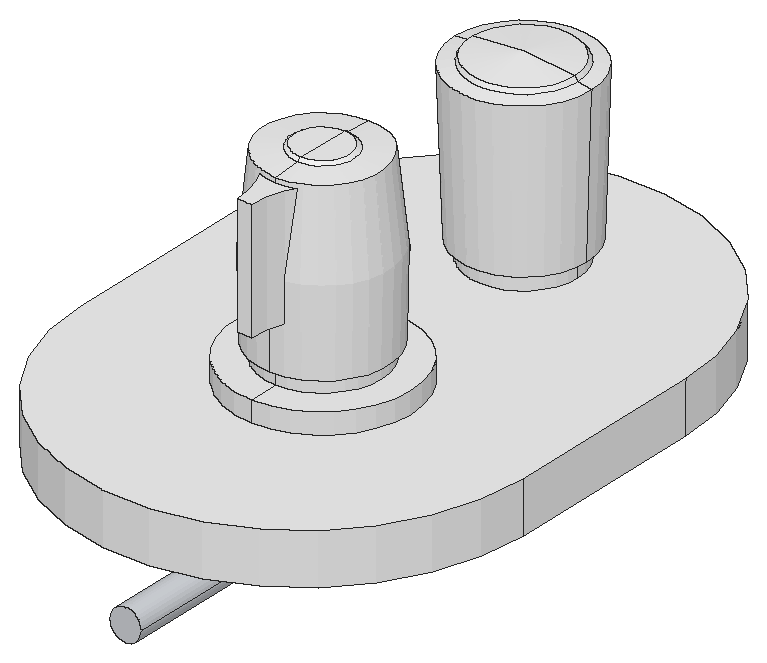
Revit family "Deca_Misturador Termostato Decaterm_2430.C.034GGGGGG", category Plumbing Fixtures, host Face, Revit 2010
Parameters (values of type "2430.C.034_Cromado CR10")
  Vendido Separadamente = ""
  Variações de COR = "Cromado (2430.C.034); Dourado (2430.D.034)"  # constant formula
  URL = "www.deca.com.br/produtos"
  Segmento = "Luxo"  # constant formula
  Raio Água Quente = 7.5 mm  # constant formula
  Raio Água Fria = 7.5 mm  # constant formula
  Raio Saída Água = 10 mm  # constant formula
  Produto = "Misturador Termostato Decaterm "  # constant formula
  Pressão = "2 A 40 mca"  # constant formula
  Peso Liquido (Kg) = 2.7
  Norma = ""
  Model = Código  # "2430.C.034"
  Misturador = Deca CR10 Cromado Metal
  Material = "Deca_Latão Cromado e Plástico de Engenharia"  # constant formula
  Manufacturer = "Deca"  # constant formula
  Louça/Metais = "Metal"  # constant formula
  Linha = "Decaterm"  # constant formula
  Informações Complementares = ""
  HWFU = 0
  Flow Pressure = 0.00 psi
  Diâmetro Água Quente = Raio Água Quente * 2  # 15 mm
  Diâmetro Água Fria = Raio Água Fria * 2  # 15 mm
  Diâmetro Saída Água = Raio Saída Água * 2  # 20 mm
  Description = "Misturador termostático"  # constant formula
  Default Elevation = 1000 mm
  Código = "2430.C.034"
  Criado por = "Contino/quattroD"  # constant formula
  Consumo = "Varia com a pressão"  # constant formula
  CWFU = 0
  Atendimento ao Cliente = "0800-0117073"  # constant formula
  Assembly Code = "D2020"
  Aprovado por = "Contino/quattroD"  # constant formula
  Acompanha o Produto = ""
Types (3, lengths in mm): name | Model | Misturador | Default Elevation | Código | Assembly Code
  (no name) | "2430.C.034" | Deca CR10 Cromado Metal | 1000 | "2430.C.034" | "D2020"
  2430.C.034_Cromado CR10 | "2430.C.034" | Deca CR10 Cromado Metal | 1000 | "2430.C.034" | "D2020"
  2430.D.034_Dourado DR11 | "2430.D.034" | Deca DR11 Dourado Metal | 0 | "2430.D.034" | "D2010710"
Reference planes
  plane 1 "Center (Front/Back)": y = 0
  plane 2: z = 0
  plane 3 "Center (Left/Right)": x = 0
  plane 4 "Right_1": x = 70.5
  plane 5 "Top_1": y = 47.24
  plane 6 "Left_1": x = -70.5
  plane 7 "Bottom_2": y = -158.707
  plane 8 "Bottom_1": y = -80.223
  plane 9 "Front_2": z = 83.725
  plane 10 "Front_1": z = 75.099
Forms (mm)
  Extrusion 1, solid, material "Deca CR10 Cromado Metal" <- "Misturador"
    sketch origin (0, 0, 0) x (1, 0, 0) y (0, 1, 0)
      loop
        line (-70.5, -23.27) -> (-70.5, -88.206)
        arc (-70.5, -88.206) -> (0, -158.707) -> (70.5, -88.206) r 70.5
        line (70.5, -88.206) -> (70.5, -23.27)
        arc (70.5, -23.27) -> (0, 47.23) -> (-70.5, -23.27) r 70.5
    from 0 to 16.3
  Revolve 2, solid, material "Deca CR10 Cromado Metal" <- "Misturador"
    sketch origin (0, 0, 0) x (1, 0, 0) y (0, 0, 1)
      loop
        line (0, 75.099) -> (0, 16.3) -> (17.381, 16.3) -> (17.381, 21.813) -> (20.185, 21.813)
        arc (20.185, 21.813) -> (22.162, 46.666) -> (21.848, 71.595) r 271.094
        line (21.848, 71.595) -> (17.205, 72.331) -> (16.309, 73.563) -> (0, 75.099)
      axis (0, 75.099) -> (0, 16.3)
    angle from 0 to 360
  Revolve 3, solid, material "Deca CR10 Cromado Metal" <- "Misturador"
    sketch origin (0, 0, 0) x (0, 1, 0) y (0, 0, 1)
      loop
        line (-80.144, 16.3) -> (-51.926, 16.3) -> (-51.926, 23.011) -> (-61.415, 23.011) -> (-61.415, 27.634) -> (-59.246, 27.634)
        arc (-59.246, 27.634) -> (-58.747, 55.023) -> (-61.606, 82.266) r 223.247
        line (-61.606, 82.266) -> (-70.276, 82.872) -> (-71.494, 83.725) -> (-80.144, 83.725) -> (-80.144, 16.3)
      axis (-80.144, 16.3) -> (-80.144, 83.725)
    angle from 0 to 360
  Extrusion 4, solid, material "Deca CR10 Cromado Metal" <- "Misturador"
    sketch origin (0, 0, 0) x (1, 0, 0) y (0, 1, 0)
      loop
        arc (2.354, -111.191) -> (4.353, -100.841) -> (9.918, -91.888) r 29.023
        line (9.918, -91.888) -> (-9.918, -91.888)
        arc (-9.918, -91.888) -> (-4.353, -100.841) -> (-2.354, -111.191) r 29.023
        line (-2.354, -111.191) -> (2.354, -111.191)
    from 42.823 to 80.826
  Extrusion 5, solid, material "Deca CR10 Cromado Metal" <- "Misturador"
    sketch origin (0, 0, 0) x (0, 1, 0) y (0, 0, 1)
      loop
        line (-60.334, 42.975) -> (-53.911, 42.975)
        arc (-53.911, 42.975) -> (-53.038, 43.48) -> (-53.041, 44.488) r 1.006
        arc (-53.041, 44.488) -> (-55.719, 54.23) -> (-56.621, 64.294) r 56.555
        arc (-56.621, 64.294) -> (-56.989, 64.745) -> (-57.546, 64.915) r 1
        line (-57.546, 64.915) -> (-60.334, 64.915) -> (-60.334, 42.975)
    from -6.102 to 6.102
  Extrusion 6, solid
    sketch origin (0, 0, 0) x (1, 0, 0) y (0, 0, 1)
      loop
        circle (0, -19.309) r 5
    from -47.24 to 158.707
  Extrusion 7, solid
    sketch origin (0, 0, 0) x (0, 1, 0) y (0, 0, 1)
      loop
        circle (-80.223, -19.309) r 3.75
    from -29.711 to 29.869
Lines and regions (mm)
  Masking region 1
    outline origin (0, 0, 0) x (1, 0, 0) y (0, 1, 0)
      loop
        arc (-70.5, -88.206) -> (0, -158.707) -> (70.5, -88.206) r 70.5
        line (70.5, -88.206) -> (70.5, -23.27)
        arc (70.5, -23.27) -> (0, 47.23) -> (-70.5, -23.27) r 70.5
        line (-70.5, -23.27) -> (-70.5, -88.206)
  Masking region 2
    outline origin (0, 0, 0) x (0, 1, 0) y (0, 0, 1)
      loop
        line (-158.707, 0) -> (47.24, 0) -> (47.24, 6.208)
        arc (47.24, 6.208) -> (42.599, 10.535) -> (36.559, 12.481) r 14.58
        line (36.559, 12.481) -> (17.146, 14.278) -> (17.146, 21.813) -> (19.446, 21.813)
        arc (19.446, 21.813) -> (20.065, 22.062) -> (20.356, 22.62) r 0.936
        arc (20.356, 22.62) -> (22.156, 46.664) -> (21.895, 70.773) r 282.046
        arc (21.895, 70.773) -> (21.634, 71.4) -> (21.037, 71.724) r 1.018
        line (21.037, 71.724) -> (17.205, 72.331)
        arc (17.205, 72.331) -> (17.031, 73.15) -> (16.303, 73.564) r 1.021
        line (16.303, 73.564) -> (0, 75.099) -> (-16.303, 73.564)
        arc (-16.303, 73.564) -> (-17.031, 73.15) -> (-17.205, 72.331) r 1.021
        line (-17.205, 72.331) -> (-21.037, 71.724)
        arc (-21.037, 71.724) -> (-21.634, 71.4) -> (-21.895, 70.773) r 1.018
        arc (-21.895, 70.773) -> (-22.156, 46.664) -> (-20.361, 22.659) r 282.046
        arc (-20.361, 22.659) -> (-20.065, 22.062) -> (-19.446, 21.813) r 0.936
        line (-19.446, 21.813) -> (-17.615, 21.813) -> (-17.615, 16.3) -> (-51.926, 16.3) -> (-51.926, 22.111)
        arc (-51.926, 22.111) -> (-52.254, 22.751) -> (-52.926, 23.011) r 1.012
        line (-52.926, 23.011) -> (-61.415, 23.011) -> (-61.415, 27.634) -> (-60.168, 27.634)
        arc (-60.168, 27.634) -> (-59.461, 27.927) -> (-59.168, 28.634) r 1
        line (-59.168, 28.634) -> (-59.168, 42.975) -> (-53.903, 42.975)
        arc (-53.903, 42.975) -> (-53.092, 43.399) -> (-52.973, 44.306) r 0.993
        arc (-52.973, 44.306) -> (-55.757, 54.441) -> (-56.617, 64.915) r 56.555
        line (-56.617, 64.915) -> (-59.521, 64.915)
        arc (-59.521, 64.915) -> (-59.748, 73.688) -> (-61.606, 82.266) r 46.88
        line (-61.606, 82.266) -> (-70.276, 82.872) -> (-71.494, 83.725) -> (-88.497, 83.725) -> (-90.013, 82.872) -> (-111.572, 81.236) -> (-111.572, 54.967) -> (-101.121, 42.945) -> (-101.121, 27.634) -> (-98.873, 27.634) -> (-98.873, 23.011) -> (-108.363, 23.011) -> (-108.363, 16.3) -> (-140.268, 16.3)
        arc (-140.268, 16.3) -> (-150.821, 13.334) -> (-158.707, 5.718) r 22.416
        line (-158.707, 5.718) -> (-158.707, 0)
  Masking region 3
    outline origin (0, 0, 0) x (1, 0, 0) y (0, 0, 1)
      loop
        line (-70.5, 0) -> (70.5, 0) -> (70.5, 6.301)
        arc (70.5, 6.301) -> (62.668, 13.572) -> (52.334, 16.3) r 22.026
        line (52.334, 16.3) -> (28.219, 16.3) -> (28.219, 23.011) -> (20.442, 23.011)
        arc (20.442, 23.011) -> (22.167, 46.772) -> (21.904, 70.593) r 285.502
        arc (21.904, 70.593) -> (21.497, 71.454) -> (20.603, 71.782) r 1.256
        arc (20.603, 71.782) -> (19.888, 77.087) -> (18.538, 82.268) r 44.34
        line (18.538, 82.268) -> (9.775, 82.88) -> (8.578, 83.719) -> (-8.578, 83.719) -> (-9.775, 82.88) -> (-18.538, 82.268)
        arc (-18.538, 82.268) -> (-19.888, 77.087) -> (-20.603, 71.782) r 44.34
        arc (-20.603, 71.782) -> (-21.497, 71.454) -> (-21.904, 70.593) r 1.256
        arc (-21.904, 70.593) -> (-22.167, 46.772) -> (-20.442, 23.011) r 285.502
        line (-20.442, 23.011) -> (-28.219, 23.011) -> (-28.219, 16.3) -> (-52.334, 16.3)
        arc (-52.334, 16.3) -> (-62.668, 13.572) -> (-70.5, 6.301) r 22.026
        line (-70.5, 6.301) -> (-70.5, 0)
  symbolic lines
    curve 1: arc (-45, -14.27, 0) -> (0, 30.73, 0) -> (45, -14.27, 0) r 45
    curve 2: arc (-45, -85.333, 0) -> (0, -130.332, 0) -> (45, -85.333, 0) r 45
    curve 3: line (-45, -14.27, 0) -> (-45, -85.333, 0)
    curve 4: line (45, -14.27, 0) -> (45, -85.333, 0)
    curve 5: arc (-6.671, 21.253, 0) -> (0.352, 22.323, 0) -> (7.321, 20.942, 0) r 20.586
    curve 6: arc (-6.671, 21.253, 0) -> (-13.78, 16.73, 0) -> (-19.469, 10.514, 0) r 32.114
    curve 7: arc (7.321, 20.942, 0) -> (14.055, 16.497, 0) -> (19.469, 10.514, 0) r 32.114
    curve 8: arc (-6.671, -21.253, 0) -> (0.352, -22.323, 0) -> (7.321, -20.942, 0) r 20.586
    curve 9: arc (-6.671, -21.253, 0) -> (-13.78, -16.73, 0) -> (-19.469, -10.514, 0) r 32.114
    curve 10: arc (7.321, -20.942, 0) -> (14.055, -16.497, 0) -> (19.469, -10.514, 0) r 32.114
    curve 11: arc (-19.469, 10.514, 0) -> (-22.302, 0, 0) -> (-19.469, -10.514, 0) r 20.925
    curve 12: arc (19.469, 10.514, 0) -> (22.302, 0, 0) -> (19.469, -10.514, 0) r 20.925
    curve 13: arc (-3.755, 22.002, 0) -> (-11.411, 13.681, 0) -> (-20.9, 7.531, 0) r 45.013
    curve 14: arc (3.787, 21.957, 0) -> (11.432, 13.663, 0) -> (20.9, 7.531, 0) r 45.013
    curve 15: arc (-3.755, -22.002, 0) -> (-11.411, -13.681, 0) -> (-20.9, -7.531, 0) r 45.013
    curve 16: arc (3.787, -21.957, 0) -> (11.432, -13.663, 0) -> (20.9, -7.531, 0) r 45.013
    curve 17: arc (-2.637, -108.239, 0) -> (-0.157, -51.942, 0) -> (2.64, -108.224, 0) r 28.207
    curve 18: arc (-6.092, -60.334, 0) -> (-20.964, -78.206, 0) -> (-9.884, -98.646, 0) r 20.728
    curve 19: arc (-9.884, -98.646, 0) -> (-4.253, -104.006, 0) -> (-2.362, -111.547, 0) r 13.961
    curve 20: line (-2.362, -111.547, 0) -> (2.362, -111.547, 0)
    curve 21: circle (0, -80.223, 0) r 9.97 normal (0, 0, 1)
    curve 22: line (-6.092, -60.334, 0) -> (-6.092, -53.477, 0)
    curve 23: line (-6.092, -57.077, 0) -> (6.092, -57.077, 0)
    curve 24: arc (6.092, -60.334, 0) -> (20.964, -78.206, 0) -> (9.884, -98.646, 0) r 20.728
    curve 25: arc (9.884, -98.646, 0) -> (4.253, -104.006, 0) -> (2.362, -111.547, 0) r 13.961
    curve 26: line (6.092, -60.334, 0) -> (6.092, -53.477, 0)
    curve 27: line (-6.092, -53.477, 0) -> (6.092, -53.477, 0)
    curve 28: circle (0, 0, 0) r 17.215 normal (0, 0, 1)
    curve 29: line (0, -98.384, 68.423) -> (0, -59.585, 68.423)
    curve 30: line (0, -98.473, 64.915) -> (0, -59.503, 64.915)
    curve 31: line (0, -60.334, 64.915) -> (0, -60.334, 42.975)
    curve 32: line (0, -59.168, 42.975) -> (0, -98.666, 42.975)
    curve 33: line (0, -98.646, 40.256) -> (0, -101.121, 42.909)
    curve 34: arc (0, -98.646, 40.256) -> (0, -98.645, 54.341) -> (0, -98.384, 68.423) r 762.475
    curve 35: arc (0, -98.384, 68.423) -> (0, -97.757, 75.531) -> (0, -95.915, 82.424) r 41.26
    curve 36: line (0, -98.873, 23.011) -> (0, -61.415, 23.011)
    curve 37: line (0, -61.415, 27.634) -> (0, -98.873, 27.634)
    curve 38: line (0, -158.707, 5.718) -> (0, 47.562, 5.718)
    curve 39: line (0, -17.615, 21.813) -> (0, 17.381, 21.813)
    curve 40: line (0, 6.878, 70.784) -> (0, 21.405, 70.784)
    curve 41: line (0, -7.899, 70.813) -> (0, 7.899, 70.813)
    curve 42: line (0, -17.205, 72.331) -> (0, 17.205, 72.331)
    curve 43: arc (0, -21.956, 70.665) -> (0, -14.935, 71.482) -> (0, -7.899, 70.813) r 33.624
    curve 44: arc (0, 21.9, 70.678) -> (0, 14.906, 71.482) -> (0, 7.899, 70.813) r 33.624
    curve 45: line (70.5, 0, 5.691) -> (-70.5, 0, 5.691)
    curve 46: line (-28.219, 0, 16.3) -> (-17.381, 0, 16.3)
    curve 47: line (-17.381, 0, 21.813) -> (-17.381, 0, 15.506)
    curve 48: spline (-17.381, 0, 15.506) -> (-16.789, 0, 15.185) -> (-15.055, 0, 14.887) -> (-12.296, 0, 14.63) -> (-8.7, 0, 14.434) -> (-4.513, 0, 14.31) -> (-0.02, 0, 14.268) -> (4.474, 0, 14.31) -> (8.661, 0, 14.434) -> (12.256, 0, 14.63) -> (15.015, 0, 14.887) -> (16.75, 0, 15.185) -> (17.341, 0, 15.506)
    curve 49: line (-19.401, 0, 21.813) -> (19.401, 0, 21.813)
    curve 50: arc (-20.442, 0, 23.011) -> (-20.146, 0, 22.217) -> (-19.401, 0, 21.813) r 1.208
    curve 51: arc (20.442, 0, 23.011) -> (20.146, 0, 22.217) -> (19.401, 0, 21.813) r 1.208
    curve 52: line (3.715, 0, 70.773) -> (20.604, 0, 70.773)
    curve 53: line (-3.715, 0, 70.773) -> (-20.604, 0, 70.773)
    curve 54: arc (20.604, 0, 70.773) -> (12.16, 0, 71.508) -> (3.715, 0, 70.773) r 48.872
    curve 55: arc (-20.604, 0, 70.773) -> (-12.16, 0, 71.508) -> (-3.715, 0, 70.773) r 48.872
    curve 56: line (-3.715, 0, 70.773) -> (3.715, 0, 70.773)
    curve 57: line (20.604, 0, 70.773) -> (21.882, 0, 70.773)
    curve 58: line (-20.604, 0, 70.773) -> (-21.882, 0, 70.773)
    curve 59: arc (17.205, 0, 72.331) -> (17.015, 0, 73.175) -> (16.242, 0, 73.563) r 1.01
    curve 60: line (17.205, 0, 72.331) -> (20.603, 0, 71.782)
    curve 61: line (-17.205, 0, 72.331) -> (17.205, 0, 72.331)
    curve 62: line (16.242, 0, 73.563) -> (0, 0, 75.099)
    curve 63: arc (-17.205, 0, 72.331) -> (-17.015, 0, 73.175) -> (-16.242, 0, 73.563) r 1.01
    curve 64: line (-17.205, 0, 72.331) -> (-20.603, 0, 71.782)
    curve 65: line (-16.242, 0, 73.563) -> (0, 0, 75.099)
    curve 66: line (28.219, 0, 16.3) -> (17.381, 0, 16.3)
    curve 67: line (17.381, 0, 21.813) -> (17.381, 0, 15.485)
    curve 68: line (-17.381, 0, 21.813) -> (-17.381, 0, 15.506)
    curve 69: line (9.775, 0, 82.868) -> (-9.775, 0, 82.868)
    curve 70: line (0, -108.363, 16.3) -> (0, -51.926, 16.3)
    curve 71: arc (0, -17.615, 16.3) -> (0, -0.222, 15.506) -> (0, 17.146, 14.278) r 698.461
    curve 72: line (0, -96.076, 81.97) -> (0, -61.529, 81.97)
    curve 73: line (0, -6.878, 70.784) -> (0, -21.405, 70.784)
Dimensions and locks
  plane 5 "Top_1" to plane 7 "Bottom_2" = 205.947 mm
  plane 6 "Left_1" to plane 4 "Right_1" = 141 mm  (x2)
  plane 7 "Bottom_2" to plane 5 "Top_1" = 205.947 mm
  plane 8 "Bottom_1" to plane 1 "Center (Front/Back)" = 80.223 mm
  plane 9 "Front_2" to host face = 83.725 mm
  host face to plane 9 "Front_2" = 83.725 mm
  plane 10 "Front_1" to host face = 75.099 mm
  aligned and locked: host face to plane 2
  aligned and locked: level to host face
Connectors
  piping at (0, 47.24, -19.309), driven by "Raio Saída Água"
    settings: on Extrusion 6, index 1, connector radius 0.3937", flow factor 0, pipe flow 0 GPM, pressure drop 0.00 psi, fitting loss kfactor 0, connector angle 0.00°, fixture units 0, engagement length 0 mm, flow configuration 3, flow direction 2, fitting loss method 0, system type 29, joint type 0, gender type 0, connector reference index -1, connector utility 0, adjustable connector no, is connector primary yes, fitting loss table "", connector description ""
  piping at (0, -158.707, -19.309), driven by "Raio Saída Água"
    settings: on Extrusion 6, index 2, connector radius 0.3937", flow factor 0, pipe flow 0 GPM, pressure drop 0.00 psi, fitting loss kfactor 0, connector angle 0.00°, fixture units 0, engagement length 0 mm, flow configuration 3, flow direction 2, fitting loss method 0, system type 29, joint type 0, gender type 0, connector reference index -1, connector utility 0, adjustable connector no, is connector primary no, fitting loss table "", connector description ""
  piping at (29.869, -80.223, -19.309), driven by "Raio Água Fria", driven by "Flow Pressure", driven by "CWFU"
    settings: on Extrusion 7, index 3, connector radius 0.29528", flow factor 0, pipe flow 0 GPM, pressure drop 0.00 psi, fitting loss kfactor 0, connector angle 0.00°, fixture units 0, engagement length 0 mm, flow configuration 3, flow direction 1, fitting loss method 4, system type 20, joint type 0, gender type 0, connector reference index -1, connector utility 0, adjustable connector no, is connector primary no, fitting loss table "", connector description ""
  piping at (-29.711, -80.223, -19.309), driven by "Raio Água Quente", driven by "Flow Pressure", driven by "HWFU"
    settings: on Extrusion 7, index 4, connector radius 0.29528", flow factor 0, pipe flow 0 GPM, pressure drop 0.00 psi, fitting loss kfactor 0, connector angle 0.00°, fixture units 0, engagement length 0 mm, flow configuration 3, flow direction 1, fitting loss method 4, system type 19, joint type 0, gender type 0, connector reference index -1, connector utility 0, adjustable connector no, is connector primary no, fitting loss table "", connector description ""
